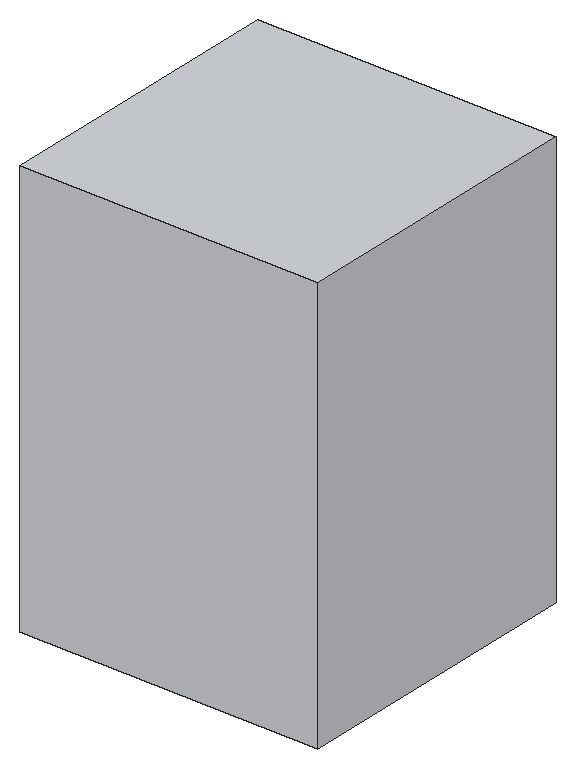
Revit family "Conexão de água_M", category Terreno, Revit 2019
Family settings
  Cota do conector redondo = Usar raio
  Tipo de parte = Normal
  ID de item do Seek = Water Connection-0000-CAN-ENU
  Com base no plano de trabalho = Não
  Sempre na vertical = Sim
  Corte com vazios quando carregada = Não
  Compartilhado = Não
Parameters (values of type "700 mmx700 mm")
  Largura = 1000 mm
  Raio da saída [instance] = 25 mm
  Diâmetro da saída [instance] = 2 * Raio da saída  # 50 mm
  Comprimento = 1000 mm
  Raio da embocadura [instance] = 25 mm
  Deslocamento de entrada da saída [instance] = 0 mm
  Deslocamento superior da parede do nível [instance] = 200 mm
  Deslocamento central de entrada do nível [instance] = 950 mm
  Diâmetro da embocadura [instance] = 2 * Raio da embocadura  # 50 mm
  Altura = 1400 mm
Types (3, lengths in mm): name | Largura | Raio da saída | Diâmetro da saída | Comprimento | Raio da embocadura | Deslocamento central de entrada do nível | Diâmetro da embocadura | Altura
  (no name) | 1000 | 25 | 50 | 1000 | 25 | 950 | 50 | 1400
  700 mmx700 mm | 1000 | 25 | 50 | 1000 | 25 | 950 | 50 | 1400
  1000 mmx1000 mm | 1300 | 50 | 100 | 1300 | 50 | 1450 | 100 | 1900
Reference planes
  plane 1 "Centro (Frente/Trás)": y = 0
  plane 2: z = 0
  plane 3 "Centro (Esquerda/Direita)": x = 0
  plane 4: z = -950
  plane 5: x = 1000
  plane 6: z = -200
  plane 7: z = -1600
  plane 8: y = 500
  plane 9: y = -500
  plane 10: z = -950
  plane 11: x = 500
Forms (mm)
  Extrusion 1, solid
    sketch origin (0, 0, 0) x (1, 0, 0) y (0, 0, 1)
      loop
        line (0, -200) -> (0, -1600) -> (1000, -1600) -> (1000, -200) -> (0, -200)
    from -500 to 500
  Extrusion 2, solid
    sketch origin (0, 0, 0) x (0, 1, 0) y (0, 0, 1)
      loop
        circle (0, -950) r 25
    from 0 to 304.8
  Extrusion 3, solid
    sketch origin (0, 0, 0) x (0, 1, 0) y (0, 0, 1)
      loop
        circle (0, -950) r 25
    from 811.822 to 1000
Cuts and joins
  joined: Extrusion 1, Extrusion 2, Extrusion 3
Lines and regions (mm)
  symbolic lines
    curve 1: line (0, 500, 0) -> (1000, 500, 0)
    curve 2: line (0, -500, 0) -> (0, 500, 0)
    curve 3: line (1000, -500, 0) -> (0, -500, 0)
    curve 4: line (1000, 500, 0) -> (1000, -500, 0)
Dimensions and locks
  "Comprimento": plane 5 to plane 3 "Centro (Esquerda/Direita)"
  "Altura": plane 6 to plane 7
  equal spacing: plane 9, plane 1 "Centro (Frente/Trás)", plane 8
  "Largura": plane 8 to plane 9
  "Deslocamento de entrada da saída": plane 10 to plane 4
  "Deslocamento superior da parede do nível": plane 2 to plane 6
  "Deslocamento central de entrada do nível": plane 2 to plane 10
  equal spacing: plane 3 "Centro (Esquerda/Direita)", plane 11, plane 5
  "Raio da embocadura": radius of Extrusion 2 sketch curve
  "Raio da saída": radius of Extrusion 3 sketch curve
  aligned and locked: level to plane 2
  aligned and locked: plane 3 "Centro (Esquerda/Direita)" to Extrusion 1 sketch curve
  aligned and locked: Extrusion 1 sketch curve to plane 6
  aligned and locked: plane 7 to Extrusion 1 sketch curve
  aligned and locked: Extrusion 1 sketch curve to plane 5
  aligned and locked: plane 8 to Extrusion 1
  aligned and locked: Extrusion 1 to plane 9
  aligned and locked: plane 10 to Extrusion 2 sketch curve
  aligned and locked: plane 1 "Centro (Frente/Trás)" to Extrusion 2 sketch curve
  aligned and locked: plane 4 to Extrusion 3 sketch curve
  aligned and locked: plane 1 "Centro (Frente/Trás)" to Extrusion 3 sketch curve
  aligned and locked: Extrusion 2 to plane 3 "Centro (Esquerda/Direita)"
  aligned and locked: plane 5 to Extrusion 3
  aligned and locked: plane 1 "Centro (Frente/Trás)" to nested 1
  aligned and locked: plane 11 to nested 1
  aligned and locked: curve 1 to cut or joined group of Extrusion 1, Extrusion 2, Extrusion 3  (x2)
  aligned and locked: curve 4 to cut or joined group of Extrusion 1, Extrusion 2, Extrusion 3  (x2)
Nested families
  nested 1: "Símbolo" at (500, 0, 0), type "Símbolo"
Connectors
  piping at (0, 0, -950), diameter 50, driven by "Raio da embocadura"
    settings: on Extrusion 2, index 1, connector inside diameter 50 mm, connector length 0 mm, flow factor 0, pipe flow 0.0 L/s, pressure drop 0.0 Pa, fitting loss kfactor 0, connector angle 0.00°, fixture units 0, engagement length 0 mm, angle of deflection 0.00°, flow configuration 0, flow direction 1, fitting loss method 0, system type 29, joint type 0, gender type 0, connector reference index 2, connector utility 1, adjustable connector no, is connector primary yes, connector description "Entrada de água"
  piping at (1000, 0, -950), diameter 50, driven by "Raio da saída"
    settings: on Extrusion 3, index 2, connector inside diameter 50 mm, connector length 0 mm, flow factor 0, pipe flow 0.0 L/s, pressure drop 0.0 Pa, fitting loss kfactor 0, connector angle 0.00°, fixture units 0, engagement length 0 mm, angle of deflection 0.00°, flow configuration 0, flow direction 2, fitting loss method 0, system type 29, joint type 0, gender type 0, connector reference index 1, connector utility 0, adjustable connector no, is connector primary no, connector description "Saída de água"
Definition of nested family "Símbolo"
  Reference planes
    plane 1: y = 0
    plane 2: x = 0
  Text (mm)
    text "Água" at (-4.587, 1.923, 0)
